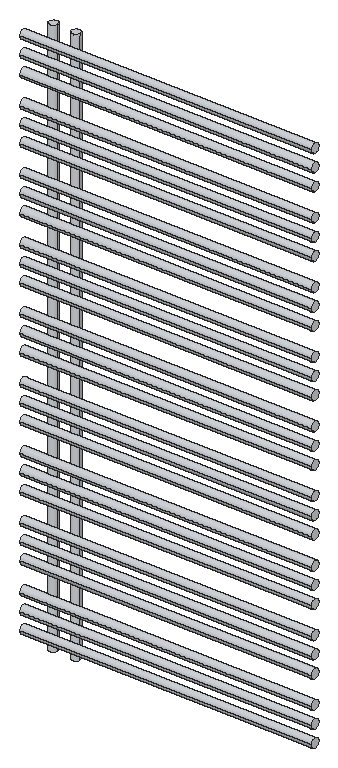
Revit family "termosifone 12_11", category Modelli generici, Revit 2013
Parameters (values of type "130.4 x 67.8")
  spalletta = 5.3 cm
  potenza nominale = 100 W
  peso = 50.00 kg
  larghezza = 67.8 cm
  ingombro 3 radiatori = 10.0 cm
  distanza da terra = distanza / 2  # 2.2444 cm
  distanza = (altezza - (ingombro 3 radiatori * 9)) / 9  # 4.4889 cm
  costo = 200
  altezza = 130.4 cm
Types (5, lengths in cm): name | potenza nominale | peso | larghezza | distanza da terra | distanza | costo | altezza
  (no name) | 100 W | 50.00 kg | 67.8 | 2.2444 | 4.4889 | 200 | 130.4
  h 173.6 | 0 W | 0.00 kg | 69.1863 | 4.6444 | 9.2889 | 0 | 173.6
  130.4 x 57.8 | 100 W | 50.00 kg | 57.8 | 2.2444 | 4.4889 | 500 | 130.4
  130.4 x 67.8 | 100 W | 50.00 kg | 67.8 | 2.2444 | 4.4889 | 200 | 130.4
  130.4 x 47.8 | 100 W | 50.00 kg | 47.8 | 2.2444 | 4.4889 | 500 | 130.4
Reference planes (cm)
  plane 1 "Centro (Fronte/Retro)": y = 0
  plane 2: z = 0
  plane 3 "Centro (Sinistra/Destra)": x = 0
  plane 4: x = 5.3
  plane 5: x = 10.6
  plane 6: z = 130.4
  plane 7: y = -1
  plane 8: x = 67.8
Forms (cm)
  Extrusion 1, solid
    sketch origin (0, 0, 0) x (1, 0, 0) y (0, 1, 0)
      loop
        circle (5.3, 0) r 1
      loop
        circle (10.6, 0) r 1
    from 0 to 130.4 <- "altezza"
Dimensions and locks (cm)
  "spalletta": plane 4 to plane 3 "Centro (Sinistra/Destra)"
  "spalletta": plane 5 to plane 4
  "altezza": plane 6 to plane 2
  "distanza da terra": nested 1 to level
  "larghezza": plane 8 to plane 3 "Centro (Sinistra/Destra)"
  aligned and locked: level to plane 2
  aligned and locked: plane 3 "Centro (Sinistra/Destra)" to nested 1
  aligned and locked: plane 7 to nested 1
  aligned and locked: plane 8 to nested 9
Automatic sketch dimensions
  plane 1 "Centro (Fronte/Retro)" to Extrusion 1 sketch curve = 0.0 cm  (x2)
  Extrusion 1 sketch curve to plane 4 = 0.0 cm
  Extrusion 1 sketch curve to plane 5 = 0.0 cm
  radius of Extrusion 1 sketch curve = 1.0 cm  (x2)
Nested families (cm)
  nested 1: "tre tubi" at (0, -2, 3.2444), type "tre tubi"
    with lunghezza3tubi 67.8 cm
  nested 2: "tre tubi" at (0, -2, 17.7333), type "tre tubi"
    with lunghezza3tubi 67.8 cm
  nested 3: "tre tubi" at (0, -2, 32.2222), type "tre tubi"
    with lunghezza3tubi 67.8 cm
  nested 4: "tre tubi" at (0, -2, 46.7111), type "tre tubi"
    with lunghezza3tubi 67.8 cm
  nested 5: "tre tubi" at (0, -2, 61.2), type "tre tubi"
    with lunghezza3tubi 67.8 cm
  nested 6: "tre tubi" at (0, -2, 75.6889), type "tre tubi"
    with lunghezza3tubi 67.8 cm
  nested 7: "tre tubi" at (0, -2, 90.1778), type "tre tubi"
    with lunghezza3tubi 67.8 cm
  nested 8: "tre tubi" at (0, -2, 104.6667), type "tre tubi"
    with lunghezza3tubi 67.8 cm
  nested 9: "tre tubi" at (0, -2, 119.1556), type "tre tubi"
    with lunghezza3tubi 67.8 cm
Definition of nested family "tre tubi"
  Parameters (values of type "57.8")
    lunghezza3tubi = 57.8 cm
    lunghezza = tubo : 57.8
  Types (3, lengths in cm): name | lunghezza3tubi | lunghezza
    37.8 | 37.8 | tubo : 37.8 cm
    47.8 | 47.8 | tubo : 47.8 cm
    57.8 | 57.8 | tubo : 57.8
  Reference planes (cm)
    plane 1 "Centro (Fronte/Retro)": y = 0
    plane 2: z = 0
    plane 3 "Centro (Sinistra/Destra)": x = 0
    plane 4: x = 57.8
  Dimensions and locks (cm)
    "lunghezza3tubi": plane 4 to plane 3 "Centro (Sinistra/Destra)"
    aligned and locked: level to plane 2
    aligned and locked: plane 3 "Centro (Sinistra/Destra)" to nested 1
    aligned and locked: plane 1 "Centro (Fronte/Retro)" to nested 1
    aligned and locked: plane 3 "Centro (Sinistra/Destra)" to nested 2
    aligned and locked: plane 3 "Centro (Sinistra/Destra)" to nested 3
    aligned and locked: nested 1 to plane 3 "Centro (Sinistra/Destra)"
  Nested families (cm)
    nested 1: "tubo" at (0, 0, 0), type <- "lunghezza", type "57.8"
    nested 2: "tubo" at (0, 0, 4), type <- "lunghezza", type "57.8"
    nested 3: "tubo" at (0, 0, 8), type "37.8 cm"
      with lunghezza tubo 57.8 cm
  Definition of nested family "tubo"
    Parameters (values of type "37.8 cm")
      lunghezza tubo = 37.8 cm
    Types (3, lengths in cm): name | lunghezza tubo
      47.8 cm | 47.8
      57.8 | 57.8
      37.8 cm | 37.8
    Reference planes (cm)
      plane 1 "Centro (Fronte/Retro)": y = 0
      plane 2: z = 0
      plane 3 "Centro (Sinistra/Destra)": x = 0
      plane 4: x = 37.8
    Forms (cm)
      Extrusion 1, solid
        sketch origin (0, 0, 0) x (0, 1, 0) y (0, 0, 1)
          loop
            circle (0, 0) r 1
        from 0 to 37.8 <- "lunghezza tubo"
    Dimensions and locks (cm)
      "lunghezza tubo": plane 4 to plane 3 "Centro (Sinistra/Destra)"
      aligned and locked: level to plane 2
    Automatic sketch dimensions
      Extrusion 1 sketch curve to level = 0.0 cm
      Extrusion 1 sketch curve to plane 1 "Centro (Fronte/Retro)" = 0.0 cm
      radius of Extrusion 1 sketch curve = 1.0 cm
